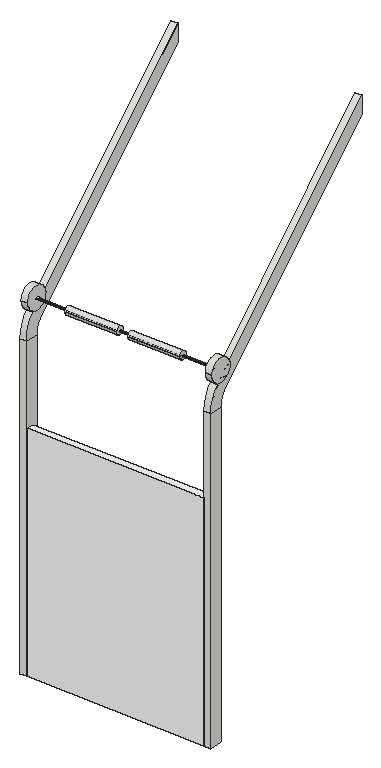
Revit family "Thermalweight-HL-1212P", category Generic Models, host Wall, Revit 2026
Family settings
  Host = Wall
  Can host rebar = No
  Round Connector Dimension = Use Diameter
  Part Type = Normal
  Always vertical = Yes
  Cut with Voids When Loaded = Yes
  Maintain Annotation Orientation = No
  Shared = No
  Room Calculation Point = No
Parameters (values of type "8' x 10'")
  VerticalTrack = TrackHeight - (1' 6")  # 13' - 6"
  Type Comments = "Insulated"  # constant formula
  TrackWidth = 0' - 3 1/2"
  TrackHeight = OpeningHeight + HeadRoom  # 15' - 0"
  TrackDepth = 0' - 6 7/8"  # constant formula
  PanelSize = 2' - 0"  # constant formula
  OpeningWidth = 8' - 0"
  OpeningHeight = 10' - 0"
  Model = "Thermalweight"  # constant formula
  Manufacturer = "TKO"  # constant formula
  HorizTrack = OpeningHeight - HeadRoom + 2' 0"  # 7' - 0"
  HeadRoom = 5' - 0"  # constant formula
  DoorThk = 0' - 4"  # constant formula
  Description = "Sectional Door"  # constant formula
  Default Elevation = 0' - 0"
Types (16): name | VerticalTrack | TrackHeight | OpeningWidth | OpeningHeight | HorizTrack
  (no name) | 13' - 6" | 15' - 0" | 8' - 0" | 10' - 0" | 7' - 0"
  8' x 10' | 13' - 6" | 15' - 0" | 8' - 0" | 10' - 0" | 7' - 0"
  9' x 10' | 13' - 6" | 15' - 0" | 9' - 0" | 10' - 0" | 7' - 0"
  10' x 10' | 13' - 6" | 15' - 0" | 10' - 0" | 10' - 0" | 7' - 0"
  10' x 11' | 14' - 6" | 16' - 0" | 10' - 0" | 11' - 0" | 8' - 0"
  9' x 11' | 14' - 6" | 16' - 0" | 9' - 0" | 11' - 0" | 8' - 0"
  8' x 11' | 14' - 6" | 16' - 0" | 8' - 0" | 11' - 0" | 8' - 0"
  10' x 12' | 15' - 6" | 17' - 0" | 10' - 0" | 12' - 0" | 9' - 0"
  8' x 12' | 15' - 6" | 17' - 0" | 8' - 0" | 12' - 0" | 9' - 0"
  9' x 12' | 15' - 6" | 17' - 0" | 9' - 0" | 12' - 0" | 9' - 0"
  10' x 8' | 11' - 6" | 13' - 0" | 10' - 0" | 8' - 0" | 5' - 0"
  10' x 9' | 12' - 6" | 14' - 0" | 10' - 0" | 9' - 0" | 6' - 0"
  8' x 9' | 12' - 6" | 14' - 0" | 8' - 0" | 9' - 0" | 6' - 0"
  8' x 8' | 11' - 6" | 13' - 0" | 8' - 0" | 8' - 0" | 5' - 0"
  9' x 9' | 12' - 6" | 14' - 0" | 9' - 0" | 9' - 0" | 6' - 0"
  9' x 8' | 12' - 6" | 14' - 0" | 9' - 0" | 9' - 0" | 6' - 0"
Reference planes (in)
  plane 1: y = 0
  plane 2 "Center (Left/Right)": x = 0
  plane 3 "Wall Edge": y = 3
  plane 4: x = -48
  plane 5: x = 48
  plane 6: z = 120
  plane 7: y = 3
  plane 8: y = 7
  plane 9: z = 24
  plane 10: z = 48
  plane 11: z = 72
  plane 12: x = -51.5
  plane 13: x = 51.5
  plane 14: y = 9.875
  plane 15: z = 180
  plane 16: z = 96
  plane 17: z = 120
  plane 18: x = -3
  plane 19: x = 3
  plane 20: x = 31
  plane 21: x = -31
  plane 22: z = 162
  plane 23: y = 21
  plane 24: y = 105
  plane 25: y = 12
Forms (in)
  Extrusion 1, void
    sketch origin (0, 3, 0) x (1, 0, 0) y (0, 0, 1)
      loop
        line (48, 120) -> (-48, 120) -> (-48, 0) -> (48, 0) -> (48, 120)
    from 0 to 6
  Extrusion 2, solid, material "DOOR PANEL"
    sketch origin (0, 0, 0) x (1, 0, 0) y (0, 1, 0)
      loop
        line (-48, 7) -> (-48, 3) -> (48, 3) -> (48, 7) -> (-48, 7)
    from 0 to 120
  Extrusion 3, solid, material "Steel"
    sketch origin (0, 0, 0) x (1, 0, 0) y (0, 1, 0)
      loop
        line (-51.5, 9.875) -> (-51.5, 3) -> (-48, 3) -> (-48, 9.875) -> (-51.5, 9.875)
      loop
        line (48, 9.875) -> (48, 3) -> (51.5, 3) -> (51.5, 9.875) -> (48, 9.875)
    from 0 to 162
  Extrusion 4, solid, material "Steel"
    sketch origin (0, 0, 0) x (0, 1, 0) y (0, 0, 1)
      loop
        circle (9.875, 180) r 6
    from 48 to 51.5
  Extrusion 5, solid, material "Steel"
    sketch origin (0, -11.87842, 8.62481) x (0, 1, 0) y (0, 0, -1)
      loop
        circle (21.75342, -171.37519) r 6
    from 48 to 51.5
  Extrusion 6, solid, material "Steel"
    sketch origin (0, 0, 0) x (0, 1, 0) y (0, 0, 1)
      loop
        circle (9.875, 180) r 0.5
    from -48 to 48
  Extrusion 7, solid, material "Steel"
    sketch origin (0, 0, 0) x (0, 1, 0) y (0, 0, 1)
      loop
        circle (9.875, 180) r 2
    from 3 to 31
  Extrusion 8, solid, material "Steel"
    sketch origin (0, 0, 0) x (0, 1, 0) y (0, 0, -1)
      loop
        circle (9.875, -180) r 2
    from 3 to 31
  Extrusion 9, solid, material "Steel"
    sketch origin (0, 0, 0) x (0, 1, 0) y (0, 0, 1)
      loop
        arc (9.897, 162) -> (10.43413, 165.65079) -> (12, 168.99217) r 12.6755
        line (12, 168.99217) -> (105, 261.99217) -> (105, 271.2724) -> (9.92432, 176.19672)
        arc (9.92432, 176.19672) -> (4.83887, 169.89291) -> (3.02178, 162) r 18.05074
        line (3.02178, 162) -> (9.897, 162)
    from 48 to 51.5
  Extrusion 10, solid, material "Steel"
    sketch origin (0, 0, 0) x (0, 1, 0) y (0, 0, -1)
      loop
        line (9.897, -162) -> (3.02178, -162)
        arc (3.02178, -162) -> (4.83887, -169.89291) -> (9.92432, -176.19672) r 18.05074
        line (9.92432, -176.19672) -> (105, -271.2724) -> (105, -261.99217) -> (12, -168.99217)
        arc (12, -168.99217) -> (10.43413, -165.65079) -> (9.897, -162) r 12.6755
    from 48 to 51.5
Cuts and joins
  joined: Extrusion 3, Extrusion 4, Extrusion 5
Lines and regions (in)
  model lines
    curve 1: line (48, 3, 24) -> (-48, 3, 24)
    curve 2: line (-48, 3, 48) -> (48, 3, 48)
    curve 3: line (48, 3, 72) -> (-48, 3, 72)
    curve 4: line (48, 3, 96) -> (-48, 3, 96)
    curve 5: line (48, 3, 120) -> (-48, 3, 120)
Text (in)
  text "Placement Side" at (0, 40.15149, 123.01588), in view "Right"
  text "Placement Side" at (-70.3804, 83.26548, 0), in view "Ref. Level"
  text "Placement Side" at (0, 81.62555, 140.59947), in view "Left"
Dimensions and locks (in)
  locked: plane 3 "Wall Edge" to host wall
  equal spacing: plane 5, plane 2 "Center (Left/Right)", plane 4
  "OpeningWidth": plane 5 to plane 4
  "DoorThk": plane 7 to plane 8
  "TrackDepth": plane 14 to plane 7
  "TrackWidth": plane 12 to plane 4
  "TrackWidth": plane 5 to plane 13
  "PanelSize": plane 9 to level
  equal spacing: plane 17, plane 16, plane 11, plane 10, plane 9, level
  "OpeningHeight": level to plane 6
  equal spacing: plane 18, plane 2 "Center (Left/Right)", plane 19, locked at 3 each
  locked: plane 21 to plane 18 at 28
  locked: plane 19 to plane 20 at 28
  "VerticalTrack": level to plane 22
  "HeadRoom": plane 6 to plane 15
  locked: plane 7 to plane 23 at 18
  "HorizTrack": plane 24 to plane 23
  locked: plane 7 to plane 25 at 9
  radius of Extrusion 4 sketch curve = 0' - 6"
  radius of Extrusion 5 sketch curve = 0' - 6"
  radius of Extrusion 6 sketch curve = 0' - 0 1/2"
  radius of Extrusion 7 sketch curve = 0' - 2"
  radius of Extrusion 8 sketch curve = 0' - 2"
  radius of Extrusion 9 sketch curve = 1' - 6.05074"
  radius of Extrusion 9 sketch curve = 1' - 0.6755"
  radius of Extrusion 10 sketch curve = 1' - 6.05074"
  radius of Extrusion 10 sketch curve = 1' - 0.6755"
  locked: plane 22 to Extrusion 9 sketch curve (angle 45.00°)  (x2)
  aligned and locked: host wall to plane 7
  aligned and locked: Extrusion 1 sketch curve to plane 5
  aligned and locked: Extrusion 1 sketch curve to plane 4
  aligned and locked: Extrusion 1 to plane 7
  aligned and locked: host wall to Extrusion 1
  aligned and locked: Extrusion 2 to plane 3 "Wall Edge"
  aligned and locked: plane 8 to Extrusion 2
  aligned and locked: Extrusion 2 to plane 6
  aligned and locked: Extrusion 3 sketch curve to plane 14  (x2)
  aligned and locked: Extrusion 3 sketch curve to plane 12
  aligned and locked: curve 1 to Extrusion 3 sketch curve
  aligned and locked: plane 5 to Extrusion 3 sketch curve
  aligned and locked: Extrusion 3 sketch curve to plane 7
  aligned and locked: Extrusion 3 sketch curve to plane 13
  aligned and locked: plane 15 to Extrusion 4 sketch curve
  aligned and locked: plane 13 to Extrusion 4
  aligned and locked: Extrusion 4 to plane 5
  aligned and locked: plane 4 to Extrusion 5
  aligned and locked: Extrusion 5 to plane 12
  aligned and locked: curve 2 to plane 10
  aligned and locked: curve 3 to plane 11
  aligned and locked: curve 1 to plane 9
  aligned and locked: plane 5 to Extrusion 6
  aligned and locked: Extrusion 6 to plane 4
  aligned and locked: cut or joined group of Extrusion 3, Extrusion 4, Extrusion 5 to level
  aligned and locked: Extrusion 2 to level
  aligned and locked: curve 4 to plane 16
  aligned and locked: curve 5 to plane 17
  aligned and locked: level to Extrusion 2
  aligned and locked: Extrusion 1 sketch curve to level
  aligned and locked: Extrusion 1 sketch curve to plane 6
  aligned and locked: plane 15 to Extrusion 7 sketch curve
  aligned and locked: plane 14 to Extrusion 7 sketch curve
  aligned and locked: Extrusion 7 to plane 20
  aligned and locked: plane 19 to Extrusion 7
  aligned and locked: Extrusion 8 to plane 18
  aligned and locked: plane 21 to Extrusion 8
  aligned and locked: plane 15 to Extrusion 8 sketch curve
  aligned and locked: Extrusion 8 sketch curve to plane 14
  aligned and locked: plane 22 to cut or joined group of Extrusion 3, Extrusion 4, Extrusion 5
  aligned and locked: plane 22 to Extrusion 9 sketch curve
  aligned and locked: Extrusion 9 to cut or joined group of Extrusion 3, Extrusion 4, Extrusion 5
  aligned and locked: Extrusion 9 to plane 5
  aligned and locked: plane 13 to Extrusion 9
  aligned and locked: plane 5 to Extrusion 9  (x2)
  aligned and locked: plane 25 to Extrusion 9 sketch curve
  aligned and locked: plane 24 to Extrusion 9 sketch curve
  aligned and locked: Extrusion 9 to plane 13
  aligned and locked: Extrusion 10 to plane 24
  aligned and locked: plane 4 to Extrusion 10
  aligned and locked: Extrusion 10 to plane 12
  aligned and locked: Extrusion 10 sketch curve to Extrusion 9  (x2)
  aligned and locked: Extrusion 2 to plane 4
  aligned and locked: Extrusion 2 to plane 5
  aligned and locked: plane 15 to Extrusion 5 sketch curve
  aligned and locked: cut or joined group of Extrusion 3, Extrusion 4, Extrusion 5 to plane 4
Automatic sketch dimensions
  Extrusion 2 sketch curve to host wall = 0' - 0"
  Extrusion 2 sketch curve to plane 4 = 0' - 0"
  plane 5 to Extrusion 2 sketch curve = 0' - 0"
  Extrusion 2 sketch curve to plane 8 = 0' - 0"
  curve 3 to plane 4 = 0' - 0"
  curve 1 to plane 4 = 0' - 0"
  curve 2 to plane 4 = 0' - 0"
  curve 4 to plane 4 = 0' - 0"
  curve 5 to plane 4 = 0' - 0"
  curve 4 to plane 5 = 0' - 0"
  curve 2 to plane 5 = 0' - 0"
  curve 5 to plane 5 = 0' - 0"
  curve 1 to plane 5 = 0' - 0"
  curve 3 to plane 5 = 0' - 0"
  plane 4 to Extrusion 3 sketch curve = 0' - 0"
  Extrusion 3 sketch curve to plane 13 = 0' - 0"
  Extrusion 6 sketch curve to plane 15 = 0' - 0"
  plane 14 to Extrusion 9 sketch curve = 0' - 0.04932"
  plane 14 to Extrusion 9 sketch curve = 0' - 0.022"
  host wall to Extrusion 9 sketch curve = 0' - 0.02178"
  Extrusion 10 sketch curve to plane 22 = 0' - 0"
  Extrusion 10 sketch curve to plane 25 = 0' - 0"
  plane 24 to Extrusion 10 sketch curve = 0' - 0"
  host wall to Extrusion 10 sketch curve = 0' - 0.02178"
  Extrusion 5 sketch curve to plane 14 = 0' - 0"
  Extrusion 4 sketch curve to plane 14 = 0' - 0"
  Extrusion 6 sketch curve to plane 14 = 0' - 0"
